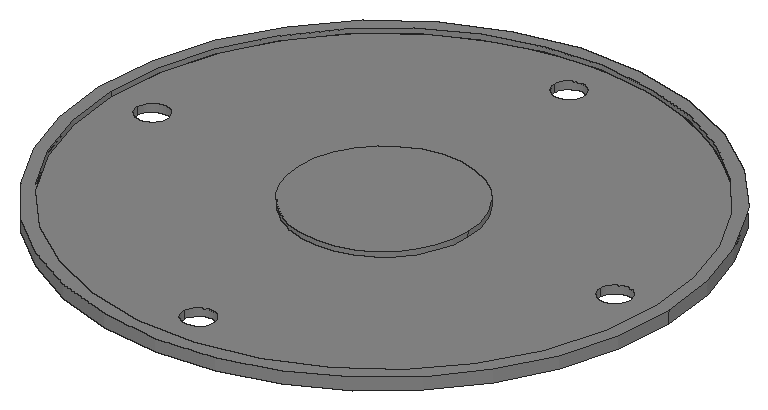
Revit family
Parameters
  지름 = 600 mm
Reference planes
  plane 1 "중심(앞/뒤)": y = 0
  plane 2: z = 0
  plane 3 "중심(왼쪽/오른쪽)": x = 0
  plane 4: x = -300
  plane 5: x = 300
  plane 6: y = 300
  plane 7: y = -300
  plane 8: x = -300
  plane 9: x = 300
Forms (mm)
  Extrusion 1, solid, material "금속 - 페인트 마감 - 진회색, 무광"
    sketch origin (0, 0, 0) x (1, 0, 0) y (0, 1, 0)
      loop
        circle (0, 0) r 300
      loop
        circle (0, -243.747) r 16.011
      loop
        circle (0, 243.747) r 16.011
      loop
        circle (-243.747, 0) r 16.011
      loop
        circle (243.747, 0) r 16.011
    from 0 to 12.7
  Extrusion 2, void
    sketch origin (0, 0, 0) x (1, 0, 0) y (0, 1, 0)
      loop
        circle (0, 0) r 88.9
      loop
        circle (0, 0) r 287.3
    from 7.938 to 12.7
Cuts and joins
  Extrusion 2 cuts Extrusion 1
Dimensions and locks
  "지름": plane 6 to plane 7
  "지름": plane 4 to plane 5
  equal spacing: plane 4, plane 3 "중심(왼쪽/오른쪽)", plane 5
  equal spacing: plane 6, plane 1 "중심(앞/뒤)", plane 7
  "지름": plane 8 to plane 9
  locked: plane 8 to Extrusion 2 sketch curve at 12.7
  equal spacing: plane 8, plane 3 "중심(왼쪽/오른쪽)", plane 9
Automatic sketch dimensions
  Extrusion 1 sketch curve to plane 1 "중심(앞/뒤)" = 0 mm  (x3)
  Extrusion 1 sketch curve to plane 4 = 0 mm
  Extrusion 1 sketch curve to plane 3 "중심(왼쪽/오른쪽)" = 0 mm  (x3)
  Extrusion 1 sketch curve to Extrusion 1 sketch curve = 40.243 mm
  Extrusion 1 sketch curve to Extrusion 1 sketch curve = 16.011 mm  (x2)
  Extrusion 1 sketch curve to plane 3 "중심(왼쪽/오른쪽)" = 16.011 mm  (x2)
  Extrusion 1 sketch curve to Extrusion 1 sketch curve = 72.264 mm
  plane 7 to Extrusion 1 sketch curve = 56.253 mm
  Extrusion 1 sketch curve to plane 6 = 56.253 mm
  Extrusion 2 sketch curve to plane 1 "중심(앞/뒤)" = 0 mm  (x2)
  Extrusion 2 sketch curve to plane 3 "중심(왼쪽/오른쪽)" = 0 mm  (x2)
  Extrusion 2 sketch curve to plane 3 "중심(왼쪽/오른쪽)" = 88.9 mm
